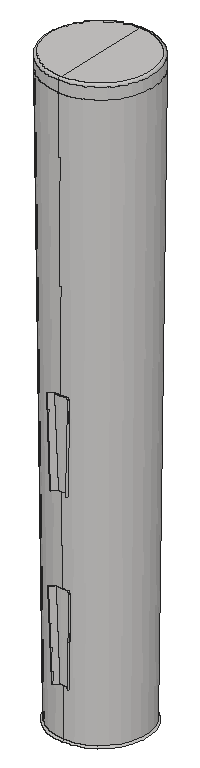
Revit family "QF_Vollrath_SLC-3", category Specialty Equipment, Revit 2016
Family settings
  Part Type = Normal
  Round Connector Dimension = Use Diameter
  OmniClass Number = 23.40.40.00
  OmniClass Title = Food Service Equipment and Furnishings
  Work Plane-Based = Yes
  Always vertical = Yes
  Cut with Voids When Loaded = No
  Shared = No
  Room Calculation Point = No
Parameters
  Width = 4 1/2"
  Weight in Pounds = 0
  Watermarked By = ""
  URL Cutsheet = ""
  Specification by User [instance] = ""
  Specification by Manufacturer [instance] = ""
  Serial Number [instance] = ""
  Revision Code [instance] = ""
  NAFEM Spec ID Number [instance] = ""
  Model = "SLC-3"
  Masterspec [instance] = ""
  Manufacturer = "Vollrath"
  Item Number [instance] = "-"
  Installed By [instance] = ""
  Height = 25 3/4"
  Furnished By [instance] = ""
  Foodservice Equipment Identifier = yes
  Description = "Cup Dispenser"
  Depth = 4 1/2"
  Default Elevation = 48"
  CSI MasterFormat = ""
Reference planes (in)
  plane 1 "BACK": y = 0
  plane 2 "BOTTOM": z = 0
  plane 3 "LEFT": x = -16.56573
  plane 4 "RIGHT": x = -12.06573
  plane 5 "FRONT": y = -4.5
  plane 6 "TOP": z = 25.75
  plane 7: z = 25.16
  plane 8 "CNTR LR": x = -14.31573
  plane 9 "CNTR FB": y = -2.25
  plane 10 "Bottom Screw 1": z = 2.19
  plane 11 "Bottom of Screw 2": z = 5.94
  plane 12 "Top Screw 1": z = 9.69
  plane 13 "Top Screw 2": z = 12.875
Forms (in)
  Revolve 1, solid, material "QF_Stainless-Polished"
    sketch origin (-14.31573, 0, 0) x (0, 1, 0) y (0, 0, 1)
      loop
        line (-0.1, 25.75) -> (-2.25, 25.75) -> (-2.25, 25.16) -> (0, 25.16) -> (0, 25.65)
        arc (0, 25.65) -> (-0.02929, 25.72071) -> (-0.1, 25.75) r 0.1
      axis (-2.25, 25.16) -> (-2.25, 25.75)
    angle from 0 to 360
  Blend 2, solid, material "QF_Stainless-Polished"
    base sketch origin (0, 0, 9.69) x (0, 1, 0) y (-1, 0, 0)
      loop
        arc (-4.32724, 14.47745) -> (-4.33366, 14.31573) -> (-4.32724, 14.154) r 2.04018
        line (-4.32724, 14.154) -> (-4.49289, 13.98834)
        arc (-4.49289, 13.98834) -> (-4.48909, 13.96371) -> (-4.485, 13.93911) r 2.22364
        line (-4.485, 13.93911) -> (-4.29523, 14.14358)
        arc (-4.29523, 14.14358) -> (-4.30262, 14.31573) -> (-4.29523, 14.48787) r 2.00913
        line (-4.29523, 14.48787) -> (-4.485, 14.69234)
        arc (-4.485, 14.69234) -> (-4.48909, 14.66774) -> (-4.49289, 14.64311) r 2.22364
        line (-4.49289, 14.64311) -> (-4.32724, 14.47745)
    top sketch origin (0, 0, 9.69) x (0, 1, 0) y (-1, 0, 0)
      loop
        line (-4.55371, 14.7415) -> (-4.39546, 14.58325)
        arc (-4.39546, 14.58325) -> (-4.41323, 14.31573) -> (-4.39546, 14.0482) r 2.02265
        line (-4.39546, 14.0482) -> (-4.55371, 13.88995)
        arc (-4.55371, 13.88995) -> (-4.54894, 13.86638) -> (-4.5439, 13.84285) r 2.20463
        line (-4.5439, 13.84285) -> (-4.36239, 14.03884)
        arc (-4.36239, 14.03884) -> (-4.38174, 14.31573) -> (-4.36239, 14.59261) r 1.99115
        line (-4.36239, 14.59261) -> (-4.5439, 14.7886)
        arc (-4.5439, 14.7886) -> (-4.54894, 14.76507) -> (-4.55371, 14.7415) r 2.20463
    from 0 to 3.75
  Revolve 3, solid, material "QF_Stainless-Polished"
    sketch origin (-14.31573, 0, 0) x (0, 1, 0) y (0, 0, 1)
      loop
        line (-0.31735, 0) -> (-0.23249, 0)
        arc (-0.23249, 0) -> (-0.28229, 0.0208) -> (-0.30249, 0.07084) r 0.07
        line (-0.30249, 0.07084) -> (0, 25.16) -> (-0.04, 25.16) -> (-0.3425, 0.07027)
        arc (-0.3425, 0.07027) -> (-0.33607, 0.03294) -> (-0.31735, 0) r 0.11
      axis (-2.25, 0) -> (-2.25, 25.16)
    angle from 0 to 360
  Blend 4, solid, material "QF_Stainless-Polished"
    base sketch origin (0, 0.07267, 2.19) x (0, 1, 0) y (-1, 0, 0)
      loop
        arc (-4.32724, 14.47745) -> (-4.33366, 14.31573) -> (-4.32724, 14.154) r 2.04018
        line (-4.32724, 14.154) -> (-4.49289, 13.98834)
        arc (-4.49289, 13.98834) -> (-4.48909, 13.96371) -> (-4.485, 13.93911) r 2.22364
        line (-4.485, 13.93911) -> (-4.29523, 14.14358)
        arc (-4.29523, 14.14358) -> (-4.30262, 14.31573) -> (-4.29523, 14.48787) r 2.00913
        line (-4.29523, 14.48787) -> (-4.485, 14.69234)
        arc (-4.485, 14.69234) -> (-4.48909, 14.66774) -> (-4.49289, 14.64311) r 2.22364
        line (-4.49289, 14.64311) -> (-4.32724, 14.47745)
    top sketch origin (0, 0.07267, 2.19) x (0, 1, 0) y (-1, 0, 0)
      loop
        line (-4.55371, 14.7415) -> (-4.39546, 14.58325)
        arc (-4.39546, 14.58325) -> (-4.41323, 14.31573) -> (-4.39546, 14.0482) r 2.02265
        line (-4.39546, 14.0482) -> (-4.55371, 13.88995)
        arc (-4.55371, 13.88995) -> (-4.54894, 13.86638) -> (-4.5439, 13.84285) r 2.20463
        line (-4.5439, 13.84285) -> (-4.36239, 14.03884)
        arc (-4.36239, 14.03884) -> (-4.38174, 14.31573) -> (-4.36239, 14.59261) r 1.99115
        line (-4.36239, 14.59261) -> (-4.5439, 14.7886)
        arc (-4.5439, 14.7886) -> (-4.54894, 14.76507) -> (-4.55371, 14.7415) r 2.20463
    from 0 to 3.75
Lines and regions (in)
  symbolic lines
    curve 1: circle (-14.31573, -2.25, 9.69) r 2.25 normal (0, 0, 1)
  symbolic lines, style "QF_Details_Surface"
    curve 2: line (-14.59261, -4.36239, 9.69) -> (-14.76945, -4.5439, 9.69)
    curve 3: arc (-14.03884, -4.36239, 9.69) -> (-14.31573, -4.38174, 9.69) -> (-14.59261, -4.36239, 9.69) r 1.99115
    curve 4: line (-13.85733, -4.5439, 9.69) -> (-14.03884, -4.36239, 9.69)
    curve 5: line (-14.0482, -4.39546, 9.69) -> (-13.88995, -4.55371, 9.69)
    curve 6: arc (-14.58325, -4.39546, 9.69) -> (-14.31573, -4.41323, 9.69) -> (-14.0482, -4.39546, 9.69) r 2.02265
    curve 7: line (-14.7415, -4.55371, 9.69) -> (-14.58325, -4.39546, 9.69)
    curve 8: arc (-14.76945, -4.5439, 9.69) -> (-14.75549, -4.54885, 9.69) -> (-14.7415, -4.55371, 9.69) r 2.2872
    curve 9: arc (-13.88995, -4.55371, 9.69) -> (-13.87362, -4.54887, 9.69) -> (-13.85733, -4.5439, 9.69) r 2.25368
Dimensions and locks (in)
  "Width": plane 3 "LEFT" to plane 4 "RIGHT"
  "Depth": plane 5 "FRONT" to plane 1 "BACK"
  "Height": plane 6 "TOP" to plane 2 "BOTTOM"
  locked: plane 6 "TOP" to plane 7 at 0.59
  equal spacing: plane 3 "LEFT", plane 8 "CNTR LR", plane 4 "RIGHT"
  equal spacing: plane 5 "FRONT", plane 9 "CNTR FB", plane 1 "BACK"
  locked: plane 11 "Bottom of Screw 2" to plane 10 "Bottom Screw 1" at 3.75
  locked: plane 12 "Top Screw 1" to plane 11 "Bottom of Screw 2" at 3.75
  equal spacing: plane 6 "TOP", plane 13 "Top Screw 2", plane 2 "BOTTOM"
  plane 10 "Bottom Screw 1" to plane 2 "BOTTOM" = 2.19"
  aligned and locked: level to plane 2 "BOTTOM"
  aligned and locked: Revolve 1 sketch curve to Revolve 1 sketch curve
  aligned and locked: plane 7 to Revolve 1 sketch curve
  aligned and locked: Revolve 1 sketch curve to plane 9 "CNTR FB"
  aligned and locked: Revolve 1 sketch curve to plane 6 "TOP"
  aligned and locked: plane 1 "BACK" to Revolve 1 sketch curve
Automatic sketch dimensions
  Revolve 1 sketch curve to plane 7 = 0"
  Revolve 1 sketch curve to plane 6 "TOP" = 0"
  Revolve 1 sketch curve to Revolve 1 sketch curve = 0.1"
  Blend 2 sketch curve to Blend 2 sketch curve = 0"  (x24)
  Blend 2 sketch curve to plane 8 "CNTR LR" = 0"  (x2)
  Blend 2 sketch curve to plane 5 "FRONT" = 0.00711"  (x2)
  Blend 2 sketch curve to plane 5 "FRONT" = 0.015"  (x2)
  Blend 2 sketch curve to plane 5 "FRONT" = 0.17276"
  plane 8 "CNTR LR" to Blend 2 sketch curve = 0.16173"
  Blend 2 sketch curve to Blend 2 sketch curve = 0.16565"  (x3)
  Blend 2 sketch curve to Blend 2 sketch curve = 0.03201"  (x2)
  plane 8 "CNTR LR" to Blend 2 sketch curve = 0.17214"
  plane 9 "CNTR FB" to Blend 2 sketch curve = 0.04348"
  plane 5 "FRONT" to Blend 2 sketch curve = 0.05371"  (x2)
  Blend 2 sketch curve to Blend 2 sketch curve = 0.00981"  (x2)
  Blend 2 sketch curve to plane 5 "FRONT" = 0.10454"  (x2)
  Blend 2 sketch curve to Blend 2 sketch curve = 0.03307"  (x2)
  plane 9 "CNTR FB" to Blend 2 sketch curve = 0.14058"
  plane 8 "CNTR LR" to Blend 2 sketch curve = 0.26752"
  Blend 2 sketch curve to Blend 2 sketch curve = 0.00936"
  Blend 2 sketch curve to Blend 2 sketch curve = 0.15825"  (x2)
  Revolve 3 sketch curve to plane 7 = 0"  (x2)
  Revolve 3 sketch curve to plane 9 "CNTR FB" = 0"
  Revolve 3 sketch curve to level = 0"  (x2)
  Revolve 3 sketch curve to plane 1 "BACK" = 0"
  level to Revolve 3 sketch curve = 0.07027"
  plane 1 "BACK" to Revolve 3 sketch curve = 0.3425"
  Revolve 3 sketch curve to Revolve 3 sketch curve = 0.02515"
  level to Revolve 3 sketch curve = 0.07084"
  Revolve 3 sketch curve to Revolve 3 sketch curve = 0.04001"
  Revolve 3 sketch curve to Revolve 3 sketch curve = 0.06999"
  Revolve 3 sketch curve to Revolve 3 sketch curve = 0"
  Revolve 3 sketch curve to Revolve 3 sketch curve = 0.04"
  Blend 4 sketch curve to Blend 4 sketch curve = 0"  (x24)
  Blend 4 sketch curve to plane 8 "CNTR LR" = 0"  (x2)
  Blend 4 sketch curve to plane 5 "FRONT" = 0.07978"  (x2)
  Blend 4 sketch curve to plane 5 "FRONT" = 0.08767"  (x2)
  Blend 4 sketch curve to plane 5 "FRONT" = 0.24543"
  plane 8 "CNTR LR" to Blend 4 sketch curve = 0.16173"
  Blend 4 sketch curve to Blend 4 sketch curve = 0.16565"  (x3)
  Blend 4 sketch curve to Blend 4 sketch curve = 0.03201"  (x2)
  plane 8 "CNTR LR" to Blend 4 sketch curve = 0.17214"
  Blend 4 sketch curve to plane 9 "CNTR FB" = 0.02919"
  Blend 4 sketch curve to plane 5 "FRONT" = 0.01896"  (x2)
  Blend 4 sketch curve to Blend 4 sketch curve = 0.00981"  (x2)
  Blend 4 sketch curve to plane 5 "FRONT" = 0.17721"  (x2)
  Blend 4 sketch curve to Blend 4 sketch curve = 0.03307"  (x2)
  plane 9 "CNTR FB" to Blend 4 sketch curve = 0.06791"
  plane 8 "CNTR LR" to Blend 4 sketch curve = 0.26752"
  Blend 4 sketch curve to Blend 4 sketch curve = 0.00936"
  Blend 4 sketch curve to Blend 4 sketch curve = 0.15825"  (x2)
  curve 3 to curve 6 = 0"  (x2)
  curve 3 to plane 8 "CNTR LR" = 0"
  curve 1 to plane 8 "CNTR LR" = 0"
  plane 9 "CNTR FB" to curve 1 = 0"
  plane 9 "CNTR FB" to curve 8 = 0.14058"
  curve 6 to curve 1 = 0.14058"
  plane 9 "CNTR FB" to curve 9 = 0.14058"
  curve 2 to plane 5 "FRONT" = 0.13761"
  curve 4 to plane 5 "FRONT" = 0.13761"
  curve 7 to curve 3 = 0.03307"
  curve 5 to curve 3 = 0.03307"
  plane 5 "FRONT" to curve 2 = 0.0439"
  plane 5 "FRONT" to curve 4 = 0.0439"
  curve 7 to curve 8 = 0.00981"
  curve 5 to curve 9 = 0.00981"
  plane 8 "CNTR LR" to curve 5 = 0.26752"
  curve 4 to curve 6 = 0.00936"
  plane 8 "CNTR LR" to curve 8 = 0.3173"
  curve 5 to curve 6 = 0.15825"
  curve 4 to curve 5 = 0.03262"
  curve 7 to curve 7 = 0.15825"
  radius of curve 1 = 2 1/4"
